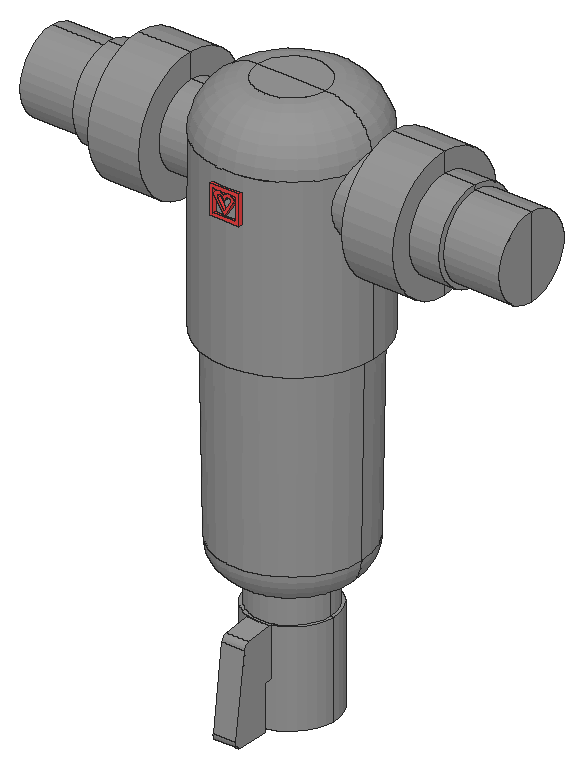
Revit family "Filter für Warmwasser 0554", category Rohrzubehör, Revit 2019
Family settings
  Bemaßung runder Anschluss = Durchmesser verwenden
  Teiletyp = Unterbricht
  OmniClass-Nummer = 23.65.55.14
  OmniClass-Titel = Valves for Liquid Services
  Arbeitsebenenbasiert = Nein
  Immer vertikal = Ja
  Beim Laden mit Abzugskörper schneiden = Nein
  Gemeinsam genutzt = Nein
Parameters
  W02 = 88.00°  # constant formula
  W01 = 89.00°  # constant formula
  VRS01 = 10.000 mm  # constant formula
  SC_NennweiteBerechnet = 0
  SC_Dimension = ""
  SCTWSEQ = "FI;SBT_TYP_FI=\"FI\";2"
  SCTWCODE = "02;00;02"  # constant formula
  S01 [instance] = (L02 + VRL01 + VRL02) - (L01 / 2)  # 30.500 mm
  Model = "Filter für Heißwasser mit Gehäuse aus Messing und Tasse aus Trogamid."
  Medium = "Trinkwasser"  # constant formula
  Max. Betriebstemperatur = 60 °C  # constant formula
  Max. Betriebsdruck = 1600000.0 Pa  # constant formula
  Tasse = "Kunststoff, Trogamid"  # constant formula
  Hinweis = "Gemäß Art 33 der REACH-Verordnung (EG Nr. 1907/2006) sind wir verpflichtet, darauf hinzuweisen, dass der Stoff Blei auf der SVHC-Liste geführt wird und dass alle aus Messing bestehenden Bauteile, die in unseren Erzeugnissen verarbeitet sind, mehr als 0,1 % (w/w) Blei (CAS: 7439-92-1 / EINECS: 231-100-4) enthalten.\r\nDa Blei als Legierungsbestandteil fest gebunden ist, sind keine Expositionen zu erwarten und daher sind keine zusätzlichen Angaben zur sicheren Verwendung notwendig."
  Gehäuse = "Messing, CW617N"  # constant formula
  GT [instance] = size_lookup("0554_", "GT", 1.000 mm, Nennweite)  # 17.500 mm
  VRL02 [instance] = size_lookup("0554_", "VRL2", 1.000 mm, Nennweite)  # 27.000 mm
  VRL01 [instance] = size_lookup("0554_", "VRL1", 1.000 mm, Nennweite)  # 16.000 mm
  VRD02 [instance] = size_lookup("0554_", "VRD2", 1.000 mm, Nennweite)  # 14.000 mm
  VRD01 [instance] = size_lookup("0554_", "VRD1", 1.000 mm, Nennweite)  # 20.000 mm
  URL = "www.herz-armaturen.at"
  T01 = 1.000 mm  # constant formula
  R02 = 8.000 mm  # constant formula
  R01 = 12.500 mm  # constant formula
  Nennweite [instance] = 25.000 mm
  Filter = "Edelstahl, Maschenweite 100 μm"  # constant formula
  D02 = 22.750 mm  # constant formula
  L02 [instance] = size_lookup("0554_", "L2", 1.000 mm, Nennweite)  # 31.500 mm
  L01 [instance] = size_lookup("0554_", "L1", 1.000 mm, Nennweite)  # 88.000 mm
  Hersteller = "HERZ Armaturen Ges.m.b.H."  # constant formula
  H04 = 151.000 mm  # constant formula
  H03 = 67.500 mm  # constant formula
  H02 = 45.500 mm  # constant formula
  H01 = 24.000 mm  # constant formula
  Bestellnummer [instance] = if(Nennweite = 15.000 mm, "I055401", if(Nennweite = 20.000 mm, "I055402", if(Nennweite = 25.000 mm, "I055403", "0")))  # "I055403"
  Ausführung = "Der HERZ-Wasserfilter wird in Hauseingangsanlagen für Trinkwasser eingesetzt, um das Trinkwasser vor Verunreinigungen zu schützen."
  AG [instance] = Nennweite / 2  # 12.500 mm
  D01 = 25.500 mm  # constant formula
Reference planes
  plane 1 "Mitte (Vorne/hinten)": y = 0
  plane 2: z = 0
  plane 3 "Mitte (Links/rechts)": x = 0
Forms (mm)
  Revolve 1, solid, material "Messing, weicher Gelbton, geschweißt", detail levels fine
    sketch origin (0, 0, 0) x (1, 0, 0) y (0, 0, 1)
      loop
        line (-44, 0) -> (44, 0) -> (44, 12.5) -> (-44, 12.5) -> (-44, 0)
      axis (-44, 0) -> (44, 0)
    angle from 0 to 360
  Revolve 2, solid, material "Messing, weicher Gelbton, geschweißt", detail levels fine
    sketch origin (0, 0, 0) x (1, 0, 0) y (0, 0, 1)
      loop
        line (-31.5, 0) -> (-31.5, 20) -> (-47.5, 20) -> (-47.5, 14) -> (-57, 14) -> (-57, 12.5) -> (-74.5, 12.5) -> (-74.5, 0) -> (-31.5, 0)
      axis (-74.5, 0) -> (-31.5, 0)
    angle from 0 to 360
  Revolve 3, solid, material "Messing, weicher Gelbton, geschweißt", detail levels fine
    sketch origin (0, 0, 0) x (-1, 0, 0) y (0, 0, 1)
      loop
        line (-31.5, 0) -> (-31.5, 20) -> (-47.5, 20) -> (-47.5, 14) -> (-57, 14) -> (-57, 12.5) -> (-74.5, 12.5) -> (-74.5, 0) -> (-31.5, 0)
      axis (-74.5, 0) -> (-31.5, 0)
    angle from 0 to 360
  Revolve 4, solid, material "Messing, weicher Gelbton, geschweißt", detail levels fine
    sketch origin (0, 0, 0) x (1, 0, 0) y (0, 0, 1)
      loop
        line (0, -45.5) -> (0, 24) -> (-10.5, 24)
        arc (-10.5, 24) -> (-21.107, 19.607) -> (-25.5, 9) r 15
        line (-25.5, 9) -> (-25.5, -45.5) -> (0, -45.5)
      axis (0, 24) -> (0, -45.5)
    angle from 0 to 360
  Revolve 5, solid, material "ABS-Kunststoff", detail levels fine
    sketch origin (0, 0, 0) x (1, 0, 0) y (0, 0, 1)
      loop
        line (0, -45.5) -> (-22.75, -45.5) -> (-21.744, -103.156)
        arc (-21.744, -103.156) -> (-19.193, -109.695) -> (-13, -113) r 10.114
        line (-13, -113) -> (0, -113) -> (0, -45.5)
      axis (0, -45.5) -> (0, -113)
    angle from 0 to 360
  Revolve 6, solid, material "Aluminium 3003-H16", detail levels fine
    sketch origin (0, 0, 0) x (1, 0, 0) y (0, 0, 1)
      loop
        line (-13.007, -151) -> (0, -151) -> (0, -113) -> (-12.007, -113) -> (-12.007, -122) -> (-13.007, -122) -> (-13.007, -151)
      axis (0, -113) -> (0, -151)
    angle from 0 to 360
  Extrusion 7, solid, material "Acetalharz, Schwarz", detail levels fine
    sketch origin (0, 0, 0) x (0, 1, 0) y (0, 0, 1)
      loop
        line (-15.045, -151) -> (-15.045, -137.8)
        arc (-15.045, -137.8) -> (-14.81, -137.234) -> (-14.245, -137) r 0.8
        line (-14.245, -137) -> (0, -137) -> (0, -122) -> (-12.995, -122) -> (-20.95, -122.837)
        arc (-20.95, -122.837) -> (-22.128, -123.386) -> (-22.72, -124.543) r 2
        line (-22.72, -124.543) -> (-26.174, -148.717)
        arc (-26.174, -148.717) -> (-25.705, -150.31) -> (-24.194, -151) r 2
        line (-24.194, -151) -> (-15.045, -151)
    from 3.5 to -3.5
Lines and regions (mm)
  model lines, detail levels coarse+medium
    curve 1: line (-44, 0, 24) -> (-44, 0, -24)
    curve 2: line (-44, 0, -24) -> (44, 0, -24)
    curve 3: line (44, 0, -24) -> (44, 0, 24)
    curve 4: line (44, 0, 24) -> (-44, 0, 24)
    curve 5: line (44, 0, 24) -> (12.5, 0, 0)
    curve 6: line (12.5, 0, 0) -> (44, 0, -24)
    curve 7: line (44, 0, 24) -> (54, 0, 24)
    curve 8: line (54, 0, 24) -> (44, 0, 0)
    curve 9: line (44, 0, -24) -> (54, 0, -24)
    curve 10: line (54, 0, -24) -> (44, 0, 0)
    curve 11: line (44, 0, 0) -> (74.5, 0, 0)
    curve 12: line (-44, 0, 24) -> (-54, 0, 24)
    curve 13: line (-54, 0, 24) -> (-44, 0, 0)
    curve 14: line (-44, 0, -24) -> (-54, 0, -24)
    curve 15: line (-54, 0, -24) -> (-44, 0, 0)
    curve 16: line (-44, 0, 0) -> (-74.5, 0, 0)
    curve 17: line (-44, -24, 0) -> (44, -24, 0)
    curve 18: line (-44, 24, 0) -> (-44, -24, 0)
    curve 19: line (44, 24, 0) -> (-44, 24, 0)
    curve 20: line (44, -24, 0) -> (44, 24, 0)
    curve 21: line (44, 24, 0) -> (8.232, 0, 0)
    curve 22: line (8.232, 0, 0) -> (44, -24, 0)
    curve 23: line (44, 24, 0) -> (54, 24, 0)
    curve 24: line (54, 24, 0) -> (44, 0, 0)
    curve 25: line (44, -24, 0) -> (54, -24, 0)
    curve 26: line (54, -24, 0) -> (44, 0, 0)
    curve 27: line (-44, 24, 0) -> (-54, 24, 0)
    curve 28: line (-54, 24, 0) -> (-44, 0, 0)
    curve 29: line (-44, -24, 0) -> (-54, -24, 0)
    curve 30: line (-54, -24, 0) -> (-44, 0, 0)
Dimensions and locks
  "L01": Revolve 1 sketch curve to Revolve 1 sketch curve
  equal spacing: Revolve 1 sketch curve, plane 3 "Mitte (Links/rechts)", Revolve 1 sketch curve
  "R01": Revolve 1 sketch curve to plane 2
  "L02": plane 3 "Mitte (Links/rechts)" to Revolve 2 sketch curve
  "VRL01": Revolve 2 sketch curve to Revolve 2 sketch curve
  "VRL02": Revolve 2 sketch curve to Revolve 2 sketch curve
  "GT": Revolve 2 sketch curve to Revolve 2 sketch curve
  "VRD01": Revolve 2 sketch curve to Revolve 2 sketch curve
  "VRD02": Revolve 2 sketch curve to Revolve 2 sketch curve
  "AG": Revolve 2 sketch curve to Revolve 2 sketch curve
  "VRL01": Revolve 3 sketch curve to Revolve 3 sketch curve
  "VRL02": Revolve 3 sketch curve to Revolve 3 sketch curve
  "GT": Revolve 3 sketch curve to Revolve 3 sketch curve
  "VRD01": Revolve 3 sketch curve to Revolve 3 sketch curve
  "VRD02": Revolve 3 sketch curve to Revolve 3 sketch curve
  "AG": Revolve 3 sketch curve to Revolve 3 sketch curve
  "L02": Revolve 3 sketch curve to plane 3 "Mitte (Links/rechts)"
  "H01": Revolve 4 sketch curve to plane 2
  "D01": Revolve 4 sketch curve to Revolve 4 sketch curve
  "H02": plane 2 to Revolve 4 sketch curve
  "D02": Revolve 5 sketch curve to Revolve 5 sketch curve
  "H02": plane 2 to Revolve 5 sketch curve
  "H03": Revolve 5 sketch curve to Revolve 5 sketch curve
  "H04": plane 2 to Revolve 6 sketch curve
  "D01": nested 1 to plane 1 "Mitte (Vorne/hinten)"
  equal spacing: curve 1, plane 3 "Mitte (Links/rechts)", curve 3
  "H01": curve 4 to level to curve 2
  "L01": curve 1 to curve 3
  "L02": curve 3 to curve 6
  "VRS01": curve 8 to curve 3
  "VRS01": curve 10 to curve 3
  "S01": curve 11 to curve 3
  "VRS01": curve 13 to curve 1
  "VRS01": curve 15 to curve 1
  "S01": curve 16 to Revolve 1
  "L01": curve 18 to curve 20
  equal spacing: curve 18, plane 3 "Mitte (Links/rechts)", curve 20
  "H01": curve 19 to plane 1 "Mitte (Vorne/hinten)" to curve 17
  "VRS01": curve 20 to curve 24
  "VRS01": curve 20 to curve 26
  "VRS01": curve 28 to curve 18
  "VRS01": curve 30 to curve 18
  "W01": angle Revolve 5 sketch curve to Revolve 4
  aligned and locked: level to plane 2
Automatic sketch dimensions
  Extrusion 7 sketch curve to plane 1 "Mitte (Vorne/hinten)" = 0.000 mm
  plane 1 "Mitte (Vorne/hinten)" to Extrusion 7 sketch curve = 12.995 mm
  plane 1 "Mitte (Vorne/hinten)" to Extrusion 7 sketch curve = 14.245 mm
  Extrusion 7 sketch curve to Extrusion 7 sketch curve = 0.800 mm
  Extrusion 7 sketch curve to Extrusion 7 sketch curve = 7.746 mm
  Extrusion 7 sketch curve to Extrusion 7 sketch curve = 0.209 mm
  Extrusion 7 sketch curve to Extrusion 7 sketch curve = 1.980 mm  (x2)
  Extrusion 7 sketch curve to Extrusion 7 sketch curve = 9.149 mm
  Extrusion 7 sketch curve to level = 151.000 mm
  Extrusion 7 sketch curve to Extrusion 7 sketch curve = 2.000 mm
  Extrusion 7 sketch curve to Extrusion 7 sketch curve = 13.200 mm
  Extrusion 7 sketch curve to Extrusion 7 sketch curve = 12.174 mm
  Extrusion 7 sketch curve to Extrusion 7 sketch curve = 0.283 mm
  Extrusion 7 sketch curve to Extrusion 7 sketch curve = 15.000 mm
  curve 15 to level = 0.000 mm
  curve 11 to level = 0.000 mm
  curve 8 to level = 0.000 mm
  curve 5 to level = 0.000 mm
  plane 1 "Mitte (Vorne/hinten)" to curve 22 = 0.000 mm
  plane 1 "Mitte (Vorne/hinten)" to curve 28 = 0.000 mm
  plane 1 "Mitte (Vorne/hinten)" to curve 24 = 0.000 mm
  plane 1 "Mitte (Vorne/hinten)" to curve 26 = 0.000 mm
  plane 3 "Mitte (Links/rechts)" to curve 22 = 8.232 mm
  Revolve 1 sketch curve to level = 0.000 mm  (x2)
  Revolve 1 sketch curve to Revolve 1 sketch curve = 1474.830 mm
  Revolve 1 sketch curve to Revolve 1 sketch curve = 1807.448 mm
  Revolve 2 sketch curve to level = 0.000 mm  (x2)
  Revolve 2 sketch curve to Revolve 2 sketch curve = 1440.530 mm
  plane 3 "Mitte (Links/rechts)" to Revolve 2 sketch curve = 1839.148 mm
  Revolve 3 sketch curve to level = 0.000 mm  (x2)
  Revolve 3 sketch curve to Revolve 3 sketch curve = 1440.530 mm
  plane 3 "Mitte (Links/rechts)" to Revolve 3 sketch curve = 1839.148 mm
  Revolve 4 sketch curve to plane 3 "Mitte (Links/rechts)" = 0.000 mm  (x2)
  level to Revolve 4 sketch curve = 9.000 mm
  Revolve 4 sketch curve to Revolve 4 sketch curve = 320.545 mm
  Revolve 4 sketch curve to Revolve 4 sketch curve = 2190.315 mm
  Revolve 5 sketch curve to plane 3 "Mitte (Links/rechts)" = 0.000 mm  (x2)
  Revolve 5 sketch curve to plane 3 "Mitte (Links/rechts)" = 21.744 mm
  Revolve 5 sketch curve to Revolve 5 sketch curve = 13.000 mm
  Revolve 5 sketch curve to Revolve 5 sketch curve = 10.112 mm
  Revolve 5 sketch curve to Revolve 5 sketch curve = 255.045 mm
  level to Revolve 5 sketch curve = 2214.315 mm
  Revolve 6 sketch curve to plane 3 "Mitte (Links/rechts)" = 0.000 mm  (x2)
  Revolve 6 sketch curve to plane 3 "Mitte (Links/rechts)" = 12.007 mm
  Revolve 6 sketch curve to plane 3 "Mitte (Links/rechts)" = 13.007 mm
  Revolve 6 sketch curve to Revolve 6 sketch curve = 29.000 mm
  Revolve 6 sketch curve to Revolve 6 sketch curve = 9.000 mm
  Revolve 6 sketch curve to Revolve 6 sketch curve = 192.045 mm
  level to Revolve 6 sketch curve = 2214.315 mm
Nested families
  nested 1: "Herz-Logo-vorne" at (0, -25.5, 0) x (0, 1, 0) z (0, 0, 1), type "Herz-Logo-vorne", detail levels fine
Connectors
  piping at (-74.5, 0, 0), diameter 25, driven by "Nennweite"
    settings: on Revolve 2, index 1, connector inside diameter 609.6 mm, connector length 0.000 mm, flow factor 0, pipe flow 0.0 L/s, pressure drop 0.0 Pa, fitting loss kfactor 0, connector angle 0.00°, fixture units 0, engagement length 0.000 mm, angle of deflection 0.00°, flow configuration 0, flow direction 1, fitting loss method 0, system type 19, joint type 0, gender type 0, connector reference index -1, connector utility 0, adjustable connector no, is connector primary yes, connector description ""
  piping at (74.5, 0, 0), diameter 25, driven by "Nennweite"
    settings: on Revolve 3, index 2, connector inside diameter 609.6 mm, connector length 0.000 mm, flow factor 0, pipe flow 0.0 L/s, pressure drop 0.0 Pa, fitting loss kfactor 0, connector angle 0.00°, fixture units 0, engagement length 0.000 mm, angle of deflection 0.00°, flow configuration 0, flow direction 2, fitting loss method 0, system type 19, joint type 0, gender type 0, connector reference index -1, connector utility 0, adjustable connector no, is connector primary no, connector description ""
Definition of nested family "Herz-Logo-vorne"
  Reference planes
    plane 1 "Mitte (Vorne/hinten)": y = 0
    plane 2: z = 0
    plane 3 "Mitte (Links/rechts)": x = 0
  Forms (mm)
    Extrusion 1, solid
      sketch origin (0.732, -0.018, 0.017) x (0, -1, 0) y (0, 0, 1)
        loop
          line (-0.018, -4.517) -> (4.482, -4.517) -> (4.482, 4.483) -> (-4.518, 4.483) -> (-4.518, -4.517) -> (-0.018, -4.517)
        loop
          line (-0.05, -3.48) -> (3.482, -3.48) -> (3.482, 3.483) -> (-3.518, 3.483) -> (-3.518, -3.48) -> (-0.05, -3.48)
        loop
          arc (-0.018, 2.383) -> (-1.543, 3.287) -> (-3.067, 2.383) r 1.738
          arc (-3.067, 2.383) -> (-3.191, 1.899) -> (-3.067, 1.415) r 1.009
          line (-3.067, 1.415) -> (-0.018, -3.281) -> (3.032, 1.415)
          arc (3.032, 1.415) -> (3.156, 1.899) -> (3.032, 2.383) r 1.009
          arc (3.032, 2.383) -> (1.507, 3.287) -> (-0.018, 2.383) r 1.738
        loop
          arc (1.885, 1.272) -> (2.005, 1.675) -> (1.885, 2.079) r 0.74
          arc (1.885, 2.079) -> (1.265, 2.416) -> (0.644, 2.079) r 0.74
          line (0.644, 2.079) -> (-0.018, 0.97) -> (-0.679, 2.079)
          arc (-0.679, 2.079) -> (-1.3, 2.416) -> (-1.921, 2.079) r 0.74
          arc (-1.921, 2.079) -> (-2.04, 1.675) -> (-1.921, 1.272) r 0.74
          line (-1.921, 1.272) -> (-0.018, -1.658) -> (1.885, 1.272)
      from 0 to 1.5
  Dimensions and locks
    aligned and locked: level to plane 2
